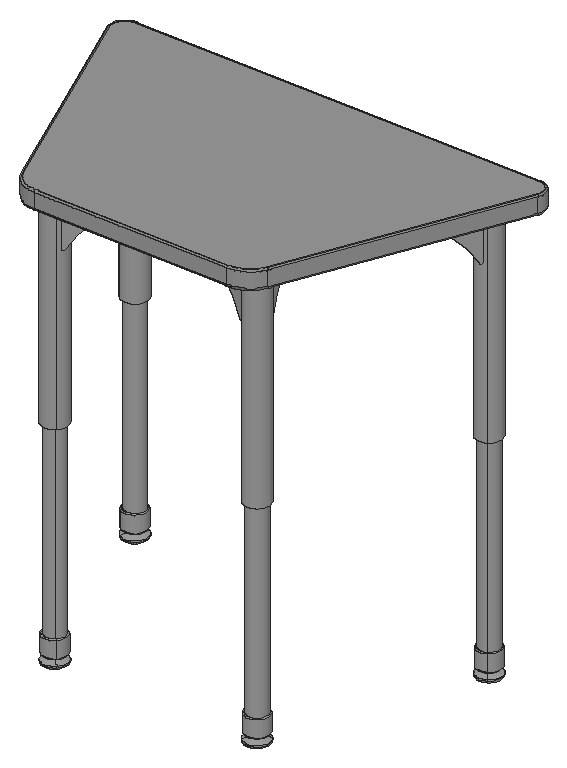
Revit family "Hierarchy Snap Octagonal Trapezoid Desk", category Furniture, Revit 2018
Family settings
  Work Plane-Based = No
  Always vertical = Yes
  Cut with Voids When Loaded = No
  Shared = No
  Room Calculation Point = No
Parameters
  Desk Height = 2' - 5"
  Surface = Hierarchy Snap Octagonal Trapezoid Desk Surface
  Leg Finish = Hierarchy Leg Platinum
  Edgeband = Hierarchy Snap Octagonal Trapezoid Desk Edgeband
  Caster/Glide = Hierarchy Leg - Glide : Hierarchy Leg - Glide
Reference planes (in)
  plane 1 "Center (Front/Back)": y = 0
  plane 2: z = 0
  plane 3 "Center (Left/Right)": x = 0
  plane 4 "Table Height": z = 29
Dimensions and locks (in)
  "Desk Height": plane 4 "Table Height" to level
  aligned and locked: plane 2 to level
  aligned and locked: nested 1 to plane 4 "Table Height"
Nested families (in)
  nested 1: "Snap Octagonal Trapezoid Tabletop" at (0, 0, 1.85825), type "Snap Octagonal Trapezoid Tabletop"
  nested 2: "Hierarchy Leg - Glide" at (-12.25, 6.75, 0) x (0.5556, 0.8315, 0) z (0, 0, 1), Leg Finish <- "Leg Finish", Leg Height <- "Desk Height", type "Hierarchy Leg - Glide"
    with Leg Height 2' - 5", Leg Finish Hierarchy Leg Platinum
  nested 3: "Hierarchy Leg - Glide" at (-7, -6.75, 0) x (-0.7071, 0.7071, 0) z (0, 0, 1), type <- "Caster/Glide", Leg Finish <- "Leg Finish", Leg Height <- "Desk Height", type "Hierarchy Leg - Glide"
  nested 4: "Hierarchy Leg - Glide" at (7, -6.75, 0) x (-0.7071, -0.7071, 0) z (0, 0, 1), type <- "Caster/Glide", Leg Finish <- "Leg Finish", Leg Height <- "Desk Height", type "Hierarchy Leg - Glide"
  nested 5: "Hierarchy Leg - Glide" at (12.25, 6.75, 0) x (-0.5556, 0.8315, 0) z (0, 0, 1), Leg Finish <- "Leg Finish", Leg Height <- "Desk Height", type "Hierarchy Leg - Glide"
    with Leg Height 2' - 5", Leg Finish Hierarchy Leg Platinum
Definition of nested family "Snap Octagonal Trapezoid Tabletop"
  Parameters (values of type "Snap Octagonal Trapezoid Tabletop")
    Surface = none
    Edgeband = none
  Reference planes (in)
    plane 1 "Center (Front/Back)": y = 0
    plane 2: z = 0
    plane 3 "Center (Left/Right)": x = 0
  Forms (in)
    Extrusion 1, solid, material <- "Surface"
      sketch origin (0, 0, 0) x (1, 0, 0) y (0, 1, 0)
        loop
          line (13.96008, 8.95098) -> (-14.05799, 8.95098)
          arc (-14.05799, 8.95098) -> (-14.76477, 8.57319) -> (-14.84333, 7.77563) r 0.85005
          line (-14.84333, 7.77563) -> (-8.47778, -7.59223)
          arc (-8.47778, -7.59223) -> (-7.75777, -8.46956) -> (-6.67169, -8.79902) r 1.95489
          line (-6.67169, -8.79902) -> (6.66876, -8.79902)
          arc (6.66876, -8.79902) -> (7.71535, -8.48154) -> (8.40918, -7.63611) r 1.88382
          line (8.40918, -7.63611) -> (14.77474, 7.73176)
          arc (14.77474, 7.73176) -> (14.69325, 8.55909) -> (13.96008, 8.95098) r 0.88178
      from 27.14175 to 28.39175
    Sweep 2, solid, material <- "Edgeband"
      path in 3D
        loop
          arc (-14.05799, 8.95098, 28.39175) -> (-14.76477, 8.57319, 28.39175) -> (-14.84333, 7.77563, 28.39175) r 0.85005
          line (-14.84333, 7.77563, 28.39175) -> (-8.47778, -7.59223, 28.39175)
          arc (-8.47778, -7.59223, 28.39175) -> (-7.75777, -8.46956, 28.39175) -> (-6.67169, -8.79902, 28.39175) r 1.95489
          line (-6.67169, -8.79902, 28.39175) -> (6.66876, -8.79902, 28.39175)
          arc (6.66876, -8.79902, 28.39175) -> (7.71535, -8.48154, 28.39175) -> (8.40918, -7.63611, 28.39175) r 1.88382
          line (8.40918, -7.63611, 28.39175) -> (14.77474, 7.73176, 28.39175)
          arc (14.77474, 7.73176, 28.39175) -> (14.69325, 8.55909, 28.39175) -> (13.96008, 8.95098, 28.39175) r 0.88178
          line (13.96008, 8.95098, 28.39175) -> (-14.05799, 8.95098, 28.39175)
      profile origin (-0.04895, 8.95098, 28.39175) x (0, -1, 0) y (0, 0, 1)
        loop
          arc (0, 0) -> (-0.07921, -0.03281) -> (-0.11202, -0.11202) r 0.11202
          line (-0.11202, -0.11202) -> (-0.11202, -1.13798)
          arc (-0.11202, -1.13798) -> (-0.07921, -1.21719) -> (0, -1.25) r 0.11202
          line (0, -1.25) -> (0, 0)
  Lines and regions (in)
    sketch lines
      curve 1: line (13.96008, 8.95098, 28.39175) -> (-14.05799, 8.95098, 28.39175)
      curve 2: arc (-14.84333, 7.77563, 28.39175) -> (-14.76477, 8.57319, 28.39175) -> (-14.05799, 8.95098, 28.39175) r 0.85005
      curve 3: line (-14.84333, 7.77563, 28.39175) -> (-8.47778, -7.59223, 28.39175)
      curve 4: line (-6.67169, -8.79902, 28.39175) -> (6.66876, -8.79902, 28.39175)
      curve 5: arc (8.40918, -7.63611, 28.39175) -> (7.71535, -8.48154, 28.39175) -> (6.66876, -8.79902, 28.39175) r 1.88382
      curve 6: arc (-6.67169, -8.79902, 28.39175) -> (-7.75777, -8.46956, 28.39175) -> (-8.47778, -7.59223, 28.39175) r 1.95489
      curve 7: line (8.40918, -7.63611, 28.39175) -> (14.77474, 7.73176, 28.39175)
      curve 8: arc (13.96008, 8.95098, 28.39175) -> (14.69325, 8.55909, 28.39175) -> (14.77474, 7.73176, 28.39175) r 0.88178
  Dimensions and locks (in)
    aligned and locked: plane 2 to level
Definition of nested family "Hierarchy Leg - Glide"
  Parameters (values of type "Hierarchy Leg - Glide")
    Leg Finish [instance] = none
    Leg Height [instance] = 2' - 5"
  Reference planes (in)
    plane 1 "Center (Front/Back)": y = 0
    plane 2: z = 0
    plane 3 "Center (Left/Right)": x = 0
  Forms (in)
    Extrusion 1, solid
      sketch origin (-0.01562, 0, 0) x (1, 0, 0) y (0, 1, 0)
        loop
          circle (0.01563, 0) r 0.67016
      from 0.67618 to 16.17618
    Revolve 2, solid
      sketch origin (0, 0, 0) x (1, 0, 0) y (0, 0, 1)
        loop
          line (-0.73189, 1.80118) -> (-0.79439, 1.73867) -> (-0.79439, 0.61381) -> (-0.73176, 0.55118) -> (-0.125, 0.55118) -> (-0.125, 0.42618) -> (-0.84656, 0.16241) -> (-0.84656, 0.08994) -> (-0.81359, 0) -> (0, 0) -> (0, 1.80118) -> (-0.73189, 1.80118)
        axis (0, 1.80118) -> (0, 0)
      angle from 0 to 360
  Dimensions and locks (in)
    "Leg Height": nested 1 to level
    aligned and locked: plane 2 to level
  Automatic sketch dimensions
    plane 1 "Center (Front/Back)" to Extrusion 1 sketch curve = 0' - 0"
    Extrusion 1 sketch curve to plane 3 "Center (Left/Right)" = 0' - 0"
    Revolve 2 sketch curve to level = 0' - 0"
    Revolve 2 sketch curve to plane 3 "Center (Left/Right)" = 0' - 0"  (x2)
    Revolve 2 sketch curve to plane 3 "Center (Left/Right)" = 0' - 0 1/8"
    Revolve 2 sketch curve to Revolve 2 sketch curve = 0' - 0.60676"
    Revolve 2 sketch curve to Revolve 2 sketch curve = 0' - 0.73189"
    Revolve 2 sketch curve to Revolve 2 sketch curve = 0' - 0.06263"  (x2)
    Revolve 2 sketch curve to Revolve 2 sketch curve = 0' - 0.08183"
    Revolve 2 sketch curve to Revolve 2 sketch curve = 0' - 0.03297"
    level to Revolve 2 sketch curve = 0' - 0.08994"
    Revolve 2 sketch curve to Revolve 2 sketch curve = 0' - 0.07247"
    level to Revolve 2 sketch curve = 0' - 0.42618"
    Revolve 2 sketch curve to Revolve 2 sketch curve = 0' - 0 1/8"
    Revolve 2 sketch curve to Revolve 2 sketch curve = 0' - 1.12486"
    Revolve 2 sketch curve to Revolve 2 sketch curve = 0' - 0 1/16"
    Revolve 2 sketch curve to level = 2' - 0"
    Revolve 2 sketch curve to Revolve 2 sketch curve = 8' - 4.91764"
    radius of Extrusion 1 sketch curve = 0' - 0.67016"
  Nested families (in)
    nested 1: "Hierarchy Upper Leg 2023" at (0, 0, 1.19783), Shapes Leg Finish <- "Leg Finish", type "Hierarchy Upper Leg 2023"
      with Shapes Leg Finish none
  Definition of nested family "Hierarchy Upper Leg 2023"
    Parameters (values of type "Hierarchy Upper Leg 2023")
      Shapes Leg Finish [instance] = none
    Reference planes (in)
      plane 1 "Center (Front/Back)": y = 0
      plane 2: z = 0
      plane 3 "Center (Left/Right)": x = 0
    Forms (in)
      Extrusion 1, solid, material <- "Shapes Leg Finish"
        sketch origin (0, 0, 0) x (1, 0, 0) y (0, 1, 0)
          loop
            circle (0, 0) r 0.84802
        from 13.67618 to 27.67618
      Extrusion 2, solid, material <- "Shapes Leg Finish"
        sketch origin (0, 0, 0) x (1, 0, 0) y (0, 1, 0)
          loop
            line (-1.70174, 0.19183) -> (-2.88626, -2.26116)
            arc (-2.88626, -2.26116) -> (-2.83993, -3.09822) -> (-2.1063, -3.50394) r 0.86614
            line (-2.1063, -3.50394) -> (2.1063, -3.50394)
            arc (2.1063, -3.50394) -> (2.83993, -3.09822) -> (2.88626, -2.26116) r 0.86614
            line (2.88626, -2.26116) -> (1.70174, 0.19183)
            arc (1.70174, 0.19183) -> (0, 1.25984) -> (-1.70174, 0.19183) r 1.88976
        from 27.67618 to 27.80217
      Extrusion 3, solid, material <- "Shapes Leg Finish"
        sketch origin (-1.48519, 8.66524, 0) x (-0.434844, 0.900506, 0) y (0, 0, 1)
          loop
            line (-9.01425, 27.67618) -> (-11.80952, 27.67618)
            arc (-11.80952, 27.67618) -> (-11.92325, 27.58993) -> (-11.87088, 27.45715) r 0.11811
            arc (-11.87088, 27.45715) -> (-10.39364, 26.29679) -> (-9.23328, 24.81955) r 7.87402
            arc (-9.23328, 24.81955) -> (-9.1005, 24.76717) -> (-9.01425, 24.88091) r 0.11811
            line (-9.01425, 24.88091) -> (-9.01425, 27.67618)
        from -1.94075 to -1.81476
      Extrusion 4, solid, material <- "Shapes Leg Finish"
        sketch origin (1.48519, 8.66524, 0) x (0.434844, 0.900506, 0) y (0, 0, -1)
          loop
            line (-9.01425, -27.67618) -> (-9.01425, -24.88091)
            arc (-9.01425, -24.88091) -> (-9.1005, -24.76717) -> (-9.23328, -24.81955) r 0.11811
            arc (-9.23328, -24.81955) -> (-10.39364, -26.29679) -> (-11.87088, -27.45715) r 7.87402
            arc (-11.87088, -27.45715) -> (-11.92325, -27.58993) -> (-11.80952, -27.67618) r 0.11811
            line (-11.80952, -27.67618) -> (-9.01425, -27.67618)
        from -1.94075 to -1.81476
    Dimensions and locks (in)
      aligned and locked: plane 2 to level
